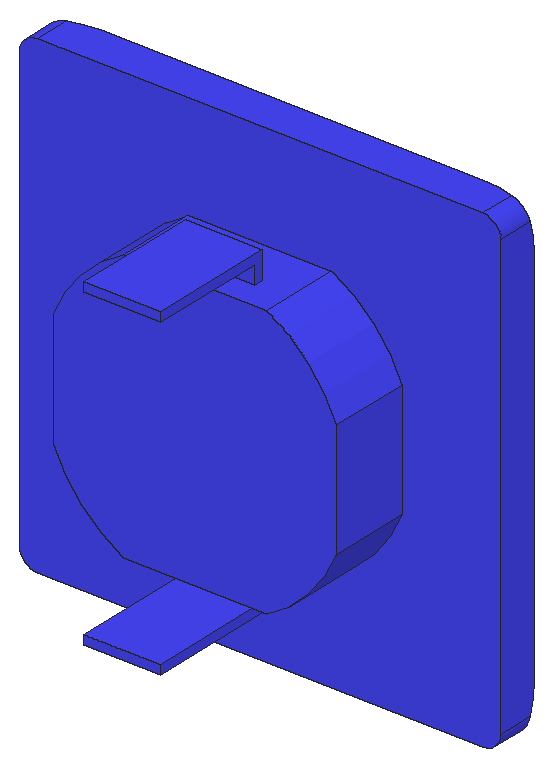
Revit family "IEK_РозеткаКомьютернаяВстраиваемая_Двухместная IP20_ВЕГА", category Устройства связи, Revit 2019
Family settings
  Сохранять ориентацию аннотаций = Да
  Размер круглого соединителя = Использовать диаметр
  Тип детали = Нормальный
  На основе рабочей плоскости = Нет
  Всегда вертикально = Да
  При загрузке вырезать с полостями = Нет
  Общий = Нет
  Точка расчета площади = Нет
Parameters (values of type "РК10-2-ВБ RJ45 Cat5e")
  Ширина = 81.5 mm  # constant formula
  Тип монтажа = "Встраиваемый"  # constant formula
  Степень защиты = "IP20"  # constant formula
  Изготовитель = "IEK"  # constant formula
  Дата изменения = ""
  Глубина = 42.2 mm  # constant formula
  Высота = 81 mm  # constant formula
  ΔХ [instance] = 2000 mm
  ΔY [instance] = 2000 mm
  KSI_CPr_Строительные изделия = ""
  KSI_CMa_Строительные материалы = "01.7.14.03"  # constant formula
  IEK_Цена за единицу = 371.05
  IEK_Поиск в таблице имен = ""
  IEK_Описание = "Электроустановочные изделия серии \"ВЕГА\" IEK включают в себя розетки и выключатели для скрытого монтажа, которые хорошо впишутся в любой интерьер квартир, загородных домов, офисных и производственных помещений."
  IEK_URL = "https://www.iek.ru/products/catalog/izdeliya_elektroustanovochnye_udliniteli_i_silovye_razemy/elektroustanovochnye_izdeliya/elektroustanovochnye_izdeliya_skrytogo_montazha/elektroustanovochnye_izdeliya_vega/rozetka_2_mestnaya_kompyuternaya_rk10_2_vb_rj45_cat5e_vega_belyy_iek"
  ADSK_Примечание = ""
  ADSK_Позиция [instance] = ""
  ADSK_Наименование = "Розетка 2-местная компьютерная РК10-2-ВБ RJ45 Cat5e ВЕГА белый IEK"
  ADSK_Материал обозначение = ""
  ADSK_Материал наименование = "АБС-пластик"  # constant formula
  ADSK_Материал = Цвет белый
  ADSK_Масса = 0.042
  ADSK_Марка = "ВЕГА"  # constant formula
  ADSK_Код изделия = "EKV25-K01-DM"
  ADSK_Завод-изготовитель = "IEK"  # constant formula
  ADSK_Единица измерения = "шт"  # constant formula
  ADSK_Группирование = ""
  ADSK_Версия семейства = "1.00"  # constant formula
  ADSK_Версия Revit = "2019"  # constant formula
  ADSK_URL страницы изделия = "https://www.iek.ru/products/catalog/izdeliya_elektroustanovochnye_udliniteli_i_silovye_razemy/elektroustanovochnye_izdeliya/elektroustanovochnye_izdeliya_skrytogo_montazha/elektroustanovochnye_izdeliya_vega/?pagec=100"
Reference planes
  plane 1 "По центру (Вперед/Назад)": y = 0
  plane 2: z = 0
  plane 3 "По центру (Влево/Вправо)": x = 0
  plane 4 "Высота ножек": z = 280
  plane 5 "Высота": z = 2081.496
  plane 6: x = -2000
  plane 7: y = 2000
Forms (mm)
  Extrusion 1, solid, material "Цвет белый" <- "ADSK_Материал", detail levels fine
    sketch origin (0, 0, 40.187) x (-1, 0, 0) y (0, 0, 1)
      loop
        arc (-12.124, 23) -> (-19.255, 17.479) -> (-24, 9.811) r 25.342
        line (-24, 9.811) -> (-24, -9.811)
        arc (-24, -9.811) -> (-19.255, -17.479) -> (-12.124, -23) r 25.342
        line (-12.124, -23) -> (12.124, -23)
        arc (12.124, -23) -> (19.255, -17.479) -> (24, -9.811) r 25.342
        line (24, -9.811) -> (24, 9.811)
        arc (24, 9.811) -> (19.255, 17.479) -> (12.124, 23) r 25.342
        line (12.124, 23) -> (-12.124, 23)
    from 0 to -13.704
  Extrusion 2, solid, material "Цвет белый" <- "ADSK_Материал", detail levels fine
    sketch origin (0, 0, 40.187) x (-1, 0, 0) y (0, 0, 1)
      loop
        arc (-37.75, 40.813) -> (-39.871, 39.934) -> (-40.75, 37.813) r 3
        line (-40.75, 37.813) -> (-40.75, -37.25)
        arc (-40.75, -37.25) -> (-39.871, -39.371) -> (-37.75, -40.25) r 3
        line (-37.75, -40.25) -> (37.75, -40.25)
        arc (37.75, -40.25) -> (39.871, -39.371) -> (40.75, -37.25) r 3
        line (40.75, -37.25) -> (40.75, 37.813)
        arc (40.75, 37.813) -> (39.871, 39.934) -> (37.75, 40.813) r 3
        line (37.75, 40.813) -> (-37.75, 40.813)
    from 0 to 10
  Extrusion 3, void
    sketch origin (0, 0, 40.187) x (-1, 0, 0) y (0, 0, 1)
      loop
        line (-19.023, -2.5) -> (-9.023, -2.5) -> (-9.023, 2.5) -> (-10.563, 2.5) -> (-10.563, 4.216) -> (-12.493, 4.216) -> (-12.493, 5.786) -> (-14.023, 5.786) -> (-15.554, 5.786) -> (-15.554, 4.216) -> (-17.484, 4.216) -> (-17.484, 2.5) -> (-19.023, 2.5) -> (-19.023, -2.5)
      loop
        line (19.023, -2.5) -> (19.023, 2.5) -> (17.484, 2.5) -> (17.484, 4.216) -> (15.554, 4.216) -> (15.554, 5.786) -> (14.023, 5.786) -> (12.493, 5.786) -> (12.493, 4.216) -> (10.563, 4.216) -> (10.563, 2.5) -> (9.023, 2.5) -> (9.023, -2.5) -> (19.023, -2.5)
    from 5 to 11.9
  Extrusion 4, solid, material "Цвет белый" <- "ADSK_Материал", detail levels fine
    sketch origin (-40.3, 9.274, 40.3) x (0, 0, -1) y (0, 1, 0)
      loop
        line (23.113, -17) -> (23.113, -18.5) -> (26, -18.5) -> (26, -38.474) -> (27.5, -38.474) -> (27.5, -17) -> (23.113, -17)
      loop
        line (-22.887, -17) -> (-27.5, -17) -> (-27.5, -38.474) -> (-26, -38.474) -> (-26, -18.5) -> (-22.887, -18.5) -> (-22.887, -17)
    from 33.8 to 46.8
  Extrusion 5, solid, material "Условный материал-отделка", detail levels coarse
    sketch origin (0, 0, 0) x (1, 0, 0) y (0, 1, 0)
      loop
        line (-40.75, 13) -> (-40.75, -29.2) -> (40.75, -29.2) -> (40.75, 13) -> (-40.75, 13)
    from 0 to 81
  Extrusion 6, solid, material "Условный материал-отделка", detail levels medium
    sketch origin (0, 1.1, 0) x (1, 0, 0) y (0, 1, 0)
      loop
        line (-40.75, 11.9) -> (-40.75, -30.3) -> (40.75, -30.3) -> (40.75, 11.9) -> (-40.75, 11.9)
    from 0 to 81
  Sweep 7, void
    path origin (0, 0, 0) x (1, 0, 0) y (0, 0, 1)
      loop
        line (32.71, 76) -> (-32.71, 76)
        arc (-32.71, 76) -> (-34.86, 75.11) -> (-35.75, 72.96) r 3.04
        line (-35.75, 72.96) -> (-35.75, 7.977)
        arc (-35.75, 7.977) -> (-34.86, 5.828) -> (-32.71, 4.937) r 3.04
        line (-32.71, 4.937) -> (32.71, 4.937)
        arc (32.71, 4.937) -> (34.86, 5.828) -> (35.75, 7.977) r 3.04
        line (35.75, 7.977) -> (35.75, 72.96)
        arc (35.75, 72.96) -> (34.86, 75.11) -> (32.71, 76) r 3.04
    profile origin (34.86, 0, 75.11) x (0.707107, 0, 0.707107) y (0, -1, 0)
      loop
        line (8.33, -5) -> (0, -10) -> (8.33, -10) -> (8.33, -5)
  Sweep 8, solid, material "Цвет белый" <- "ADSK_Материал", detail levels fine
    path origin (0, 0, 0) x (1, 0, 0) y (0, 0, 1)
      loop
        line (19, 63.187) -> (-19, 63.187)
        arc (-19, 63.187) -> (-22.536, 61.723) -> (-24, 58.187) r 5
        line (-24, 58.187) -> (-24, 22.187)
        arc (-24, 22.187) -> (-22.536, 18.652) -> (-19, 17.187) r 5
        line (-19, 17.187) -> (19, 17.187)
        arc (19, 17.187) -> (22.536, 18.652) -> (24, 22.187) r 5
        line (24, 22.187) -> (24, 58.187)
        arc (24, 58.187) -> (22.536, 61.723) -> (19, 63.187) r 5
    profile origin (0, 0, 63.187) x (0, 0, -1) y (0, -1, 0)
      loop
        line (0, -13) -> (0, -6.999) -> (-9.773, -6.999) -> (0, -13)
Cuts and joins
  Extrusion 3, Sweep 7 cuts Extrusion 2
Lines and regions (mm)
  reference lines
    curve 1: line (0, 32.62, 0) -> (0, -67.38, 0)
    curve 2: line (-40.265, 0, 0) -> (99.735, 0, 0)
Dimensions and locks
  locked: plane 4 "Высота ножек" to plane 2 at 280
  plane 5 "Высота" to plane 4 "Высота ножек" = 1801.496 mm
  "ΔХ": plane 6 to curve 1
  "ΔY": plane 7 to curve 2
  aligned and locked: level to plane 2
  aligned and locked: Extrusion 5 to Extrusion 6  (x2)
  aligned and locked: curve 2 to nested 1
  aligned and locked: nested 1 to curve 1
Automatic sketch dimensions
  plane 3 "По центру (Влево/Вправо)" to Extrusion 1 sketch curve = 24 mm
  plane 3 "По центру (Влево/Вправо)" to Extrusion 1 sketch curve = 12.124 mm  (x2)
  plane 3 "По центру (Влево/Вправо)" to Extrusion 1 sketch curve = 0.422 mm  (x2)
  Extrusion 1 sketch curve to plane 3 "По центру (Влево/Вправо)" = 0.422 mm  (x2)
  Extrusion 1 sketch curve to plane 3 "По центру (Влево/Вправо)" = 12.124 mm  (x2)
  Extrusion 1 sketch curve to Extrusion 1 sketch curve = 11.876 mm
  level to Extrusion 1 sketch curve = 17.187 mm
  Extrusion 1 sketch curve to Extrusion 1 sketch curve = 13.189 mm  (x2)
  Extrusion 1 sketch curve to Extrusion 1 sketch curve = 1.043 mm
  Extrusion 1 sketch curve to Extrusion 1 sketch curve = 0 mm
  Extrusion 1 sketch curve to Extrusion 1 sketch curve = 19.622 mm
  Extrusion 5 sketch curve to plane 3 "По центру (Влево/Вправо)" = 40.75 mm
  plane 3 "По центру (Влево/Вправо)" to Extrusion 5 sketch curve = 40.75 mm
  plane 1 "По центру (Вперед/Назад)" to Extrusion 5 sketch curve = 29.2 mm
  Extrusion 5 sketch curve to plane 1 "По центру (Вперед/Назад)" = 13 mm
  Extrusion 6 sketch curve to plane 3 "По центру (Влево/Вправо)" = 40.75 mm
  plane 3 "По центру (Влево/Вправо)" to Extrusion 6 sketch curve = 40.75 mm
  plane 1 "По центру (Вперед/Назад)" to Extrusion 6 sketch curve = 29.2 mm
  Extrusion 6 sketch curve to plane 1 "По центру (Вперед/Назад)" = 13 mm
  plane 1 "По центру (Вперед/Назад)" to Extrusion 4 sketch curve = 7.726 mm  (x2)
  level to Extrusion 4 sketch curve = 67.8 mm
  Extrusion 4 sketch curve to Extrusion 4 sketch curve = 1.5 mm  (x4)
  Extrusion 4 sketch curve to Extrusion 4 sketch curve = 3.113 mm
  level to Extrusion 4 sketch curve = 17.187 mm
  Extrusion 4 sketch curve to Extrusion 4 sketch curve = 2.887 mm
  Extrusion 4 sketch curve to Extrusion 4 sketch curve = 19.974 mm  (x2)
  level to Extrusion 2 sketch curve = 2.937 mm
  plane 3 "По центру (Влево/Вправо)" to Extrusion 2 sketch curve = 40.75 mm
  Extrusion 2 sketch curve to level = 0.063 mm
  Extrusion 2 sketch curve to Extrusion 2 sketch curve = 3 mm  (x2)
  Extrusion 2 sketch curve to plane 3 "По центру (Влево/Вправо)" = 37.75 mm  (x2)
  Extrusion 2 sketch curve to Extrusion 2 sketch curve = 75.063 mm
  Sweep 7 sketch curve to plane 3 "По центру (Влево/Вправо)" = 35.75 mm
  Sweep 7 sketch curve to Sweep 7 sketch curve = 3.04 mm  (x3)
  level to Sweep 7 sketch curve = 7.977 mm
  plane 3 "По центру (Влево/Вправо)" to Sweep 7 sketch curve = 32.71 mm  (x2)
  Sweep 7 sketch curve to Sweep 7 sketch curve = 64.984 mm
  Sweep 7 sketch curve to profile plane = 0 mm
  Sweep 7 sketch curve to Sweep 7 sketch curve = 8.33 mm
  Sweep 7 sketch curve to plane 1 "По центру (Вперед/Назад)" = 10 mm
  Sweep 7 sketch curve to plane 1 "По центру (Вперед/Назад)" = 5 mm
  Sweep 8 sketch curve to plane 3 "По центру (Влево/Вправо)" = 24 mm
  Sweep 8 sketch curve to Sweep 8 sketch curve = 5 mm  (x3)
  plane 3 "По центру (Влево/Вправо)" to Sweep 8 sketch curve = 19 mm  (x2)
  level to Sweep 8 sketch curve = 17.187 mm
  Sweep 8 sketch curve to Sweep 8 sketch curve = 36 mm
  Sweep 8 sketch curve to profile plane = 0 mm
  Sweep 8 sketch curve to plane 1 "По центру (Вперед/Назад)" = 13 mm
  Sweep 8 sketch curve to Sweep 8 sketch curve = 6.001 mm
  profile plane to Sweep 8 sketch curve = 9.773 mm
  plane 3 "По центру (Влево/Вправо)" to Extrusion 3 sketch curve = 19.023 mm
  Extrusion 3 sketch curve to Extrusion 3 sketch curve = 1.54 mm  (x4)
  Extrusion 3 sketch curve to Extrusion 3 sketch curve = 1.93 mm  (x4)
  Extrusion 3 sketch curve to Extrusion 3 sketch curve = 1.531 mm  (x4)
  Extrusion 3 sketch curve to plane 3 "По центру (Влево/Вправо)" = 9.023 mm
  level to Extrusion 3 sketch curve = 37.687 mm
  Extrusion 3 sketch curve to Extrusion 3 sketch curve = 0 mm
  Extrusion 3 sketch curve to Extrusion 3 sketch curve = 5 mm  (x4)
  Extrusion 3 sketch curve to Extrusion 3 sketch curve = 1.716 mm  (x4)
  Extrusion 3 sketch curve to Extrusion 3 sketch curve = 1.571 mm  (x2)
  curve 2 to plane 3 "По центру (Влево/Вправо)" = 40.265 mm
  plane 3 "По центру (Влево/Вправо)" to curve 2 = 99.735 mm
  plane 1 "По центру (Вперед/Назад)" to curve 1 = 67.38 mm
  curve 1 to plane 1 "По центру (Вперед/Назад)" = 32.62 mm
Nested families
  nested 1: "УГО Розетки связистской" at (0, 0, 0), type "Розетка двухместная сетевая (Интернет)", detail levels coarse+medium
Connectors
  electrical at (0, -8.1, 0)
    settings: on Extrusion 5, index 1, voltage 0 V, apparent load 0 VA, apparent load phase1 0 VA, apparent load phase2 0 VA, apparent load phase3 0 VA, power factor 1, load classification "Прочее", number of poles 1, system type 9, power factor state 1, is connector primary yes, connector utility no, sub classification motor no, connector description ""
Definition of nested family "УГО Розетки связистской"
  Parameters (values of type "Розетка телефонная")
    Розетка телефонная = yes
    Розетка сетевая (Интернет) = no
    Розетка сетевая и телефонная = no
    Розетка телевизионная = no
    Розетка двухместная телефонная = no
    Розетка двухместная сетевая (Интернет) = no
    Розетка HDMI = no
  Types (7, lengths in mm): name | Розетка телефонная | Розетка сетевая (Интернет) | Розетка сетевая и телефонная | Розетка телевизионная | Розетка двухместная телефонная | Розетка двухместная сетевая (Интернет) | Розетка HDMI
    Розетка телевизионная | no | no | no | yes | no | no | no
    Розетка сетевая (Интернет) | no | yes | no | no | no | no | no
    Розетка сетевая и телефонная | no | no | yes | no | no | no | no
    Розетка HDMI | no | no | no | no | no | no | yes
    Розетка двухместная телефонная | no | no | no | no | yes | no | no
    Розетка двухместная сетевая (Интернет) | no | no | no | no | no | yes | no
    Розетка телефонная | yes | no | no | no | no | no | no
  Reference planes
    plane 1: y = 0
    plane 2: x = 0
  Lines and regions (mm)
    Filled region 1, type "Цветовая область 1", visible <- "Розетка телефонная"
      outline origin (0, 0, 0) x (1, 0, 0) y (0, 1, 0)
        loop
          line (-0.512, 1.977) -> (-0.512, 3.023) -> (-1.53, 3.023) -> (-1.53, 1.977) -> (-0.512, 1.977)
        loop
          line (0.512, 1.977) -> (1.53, 1.977) -> (1.53, 3.023) -> (0.512, 3.023) -> (0.512, 1.977)
    Filled region 2, type "Цветовая область 1", visible <- "Розетка телефонная", not visible
      outline origin (0, 0, 0) x (1, 0, 0) y (0, 1, 0)
        loop
          line (8.078, 7.617) -> (8.078, 8.664) -> (7.06, 8.664) -> (7.06, 7.617) -> (8.078, 7.617)
        loop
          line (9.101, 7.617) -> (10.119, 7.617) -> (10.119, 8.664) -> (9.101, 8.664) -> (9.101, 7.617)
    Filled region 3, type "Цветовая область 1", visible <- "Розетка сетевая и телефонная"
      outline origin (0, 0, 0) x (1, 0, 0) y (0, 1, 0)
        loop
          line (0.994, 4) -> (0.994, 3) -> (1.994, 3) -> (1.994, 4) -> (0.994, 4)
        loop
          line (3.019, 3) -> (4.019, 3) -> (4.019, 4) -> (3.019, 4) -> (3.019, 3)
    Filled region 4, type "Цветовая область 1", visible <- "Розетка сетевая и телефонная", not visible
      outline origin (0, 0, 0) x (1, 0, 0) y (0, 1, 0)
        loop
          line (28.769, 14.987) -> (28.769, 13.987) -> (29.769, 13.987) -> (29.769, 14.987) -> (28.769, 14.987)
        loop
          line (30.794, 13.987) -> (31.794, 13.987) -> (31.794, 14.987) -> (30.794, 14.987) -> (30.794, 13.987)
    Filled region 5, type "Цветовая область 1", visible <- "Розетка двухместная телефонная"
      outline origin (0, 0, 0) x (1, 0, 0) y (0, 1, 0)
        loop
          line (-0.512, 1.977) -> (-0.512, 3.023) -> (-1.53, 3.023) -> (-1.53, 1.977) -> (-0.512, 1.977)
        loop
          line (0.512, 1.977) -> (1.53, 1.977) -> (1.53, 3.023) -> (0.512, 3.023) -> (0.512, 1.977)
    Filled region 6, type "Цветовая область 1", visible <- "Розетка двухместная телефонная", not visible
      outline origin (0, 0, 0) x (1, 0, 0) y (0, 1, 0)
        loop
          line (39.096, 13.207) -> (39.096, 14.254) -> (38.078, 14.254) -> (38.078, 13.207) -> (39.096, 13.207)
        loop
          line (40.119, 13.207) -> (41.137, 13.207) -> (41.137, 14.254) -> (40.119, 14.254) -> (40.119, 13.207)
    detail lines
      curve 1: line (0.006, 0, 0) -> (0.006, 2.454, 0)
      curve 2: line (0.006, 0, 0) -> (2.217, 0, 0)
    detail lines, visible <- "Розетка сетевая (Интернет)", not visible
      curve 3: line (2.5, 1.221, 0) -> (-2.5, 1.221, 0)
      curve 4: line (2.5, 6.221, 0) -> (-2.5, 6.221, 0)
      curve 5: line (0, 6.221, 0) -> (-2.5, 1.221, 0)
      curve 6: line (0, 6.221, 0) -> (2.5, 1.221, 0)
    detail lines, visible <- "Розетка телевизионная", not visible
      curve 7: line (19.458, 13.285, 0) -> (24.458, 13.285, 0)
      curve 8: line (19.458, 8.285, 0) -> (24.458, 8.285, 0)
      curve 9: line (21.958, 13.285, 0) -> (19.458, 8.285, 0)
      curve 10: line (21.958, 13.285, 0) -> (24.458, 8.285, 0)
    detail lines, visible <- "Розетка сетевая (Интернет)"
      curve 11: line (2.506, 0, 0) -> (-2.494, 0, 0)
      curve 12: line (2.506, 5, 0) -> (-2.494, 5, 0)
      curve 13: line (0.006, 5, 0) -> (-2.494, 0, 0)
      curve 14: line (0.006, 5, 0) -> (2.506, 0, 0)
    detail lines, visible <- "Розетка телевизионная"
      curve 15: line (-2.494, 5, 0) -> (2.506, 5, 0)
      curve 16: line (-2.494, 0, 0) -> (2.506, 0, 0)
      curve 17: line (0.006, 5, 0) -> (-2.494, 0, 0)
      curve 18: line (0.006, 5, 0) -> (2.506, 0, 0)
    detail lines, visible <- "Розетка телефонная"
      curve 19: circle (0.006, 2.5, 0) r 2.5 normal (0, 0, 1)
      curve 21: line (-1.53, 3.023, 0) -> (-1.53, 1.977, 0)
      curve 22: line (-1.53, 1.977, 0) -> (-0.512, 1.977, 0)
      curve 23: line (-0.512, 1.977, 0) -> (-0.512, 3.023, 0)
      curve 24: line (-0.512, 3.023, 0) -> (-1.53, 3.023, 0)
      curve 25: line (1.53, 3.023, 0) -> (1.53, 1.977, 0)
      curve 26: line (1.53, 1.977, 0) -> (0.512, 1.977, 0)
      curve 27: line (0.512, 1.977, 0) -> (0.512, 3.023, 0)
      curve 28: line (0.512, 3.023, 0) -> (1.53, 3.023, 0)
    detail lines, visible <- "Розетка телефонная", not visible
      curve 20: circle (8.596, 8.14, 0) r 2.5 normal (0, 0, 1)
      curve 29: line (7.06, 8.664, 0) -> (7.06, 7.617, 0)
      curve 30: line (7.06, 7.617, 0) -> (8.078, 7.617, 0)
      curve 31: line (8.078, 7.617, 0) -> (8.078, 8.664, 0)
      curve 32: line (8.078, 8.664, 0) -> (7.06, 8.664, 0)
      curve 33: line (10.119, 8.664, 0) -> (10.119, 7.617, 0)
      curve 34: line (10.119, 7.617, 0) -> (9.101, 7.617, 0)
      curve 35: line (9.101, 7.617, 0) -> (9.101, 8.664, 0)
      curve 36: line (9.101, 8.664, 0) -> (10.119, 8.664, 0)
    detail lines, visible <- "Розетка сетевая и телефонная"
      curve 37: line (-5.994, 7, 0) -> (6.006, 7, 0)
      curve 38: line (-5.994, 0, 0) -> (-5.994, 7, 0)
      curve 39: line (6.006, 0, 0) -> (-5.994, 0, 0)
      curve 40: line (6.006, 7, 0) -> (6.006, 0, 0)
      curve 41: line (-4.994, 1, 0) -> (0.006, 1, 0)
      curve 42: line (-2.474, 6, 0) -> (-4.994, 1, 0)
      curve 43: line (-2.474, 6, 0) -> (0.006, 1, 0)
      curve 44: circle (2.506, 3.5, 0) r 2.5 normal (0, 0, 1)
      curve 45: line (-4.994, 6, 0) -> (0.006, 6, 0)
      curve 46: line (0.994, 4, 0) -> (0.994, 3, 0)
      curve 47: line (0.994, 3, 0) -> (1.994, 3, 0)
      curve 48: line (1.994, 3, 0) -> (1.994, 4, 0)
      curve 49: line (1.994, 4, 0) -> (0.994, 4, 0)
      curve 50: line (4.019, 4, 0) -> (4.019, 3, 0)
      curve 51: line (4.019, 3, 0) -> (3.019, 3, 0)
      curve 52: line (3.019, 3, 0) -> (3.019, 4, 0)
      curve 53: line (3.019, 4, 0) -> (4.019, 4, 0)
    detail lines, visible <- "Розетка сетевая и телефонная", not visible
      curve 54: line (21.782, 17.987, 0) -> (33.782, 17.987, 0)
      curve 55: line (21.782, 10.987, 0) -> (21.782, 17.987, 0)
      curve 56: line (33.782, 10.987, 0) -> (21.782, 10.987, 0)
      curve 57: line (33.782, 17.987, 0) -> (33.782, 10.987, 0)
      curve 58: line (22.782, 11.987, 0) -> (27.782, 11.987, 0)
      curve 59: line (25.301, 16.987, 0) -> (22.782, 11.987, 0)
      curve 60: line (25.301, 16.987, 0) -> (27.782, 11.987, 0)
      curve 61: circle (30.282, 14.487, 0) r 2.5 normal (0, 0, 1)
      curve 62: line (22.782, 16.987, 0) -> (27.782, 16.987, 0)
      curve 63: line (28.769, 14.987, 0) -> (28.769, 13.987, 0)
      curve 64: line (28.769, 13.987, 0) -> (29.769, 13.987, 0)
      curve 65: line (29.769, 13.987, 0) -> (29.769, 14.987, 0)
      curve 66: line (29.769, 14.987, 0) -> (28.769, 14.987, 0)
      curve 67: line (31.794, 14.987, 0) -> (31.794, 13.987, 0)
      curve 68: line (31.794, 13.987, 0) -> (30.794, 13.987, 0)
      curve 69: line (30.794, 13.987, 0) -> (30.794, 14.987, 0)
      curve 70: line (30.794, 14.987, 0) -> (31.794, 14.987, 0)
    detail lines, visible <- "Розетка двухместная телефонная"
      curve 71: circle (0.006, 2.5, 0) r 2.5 normal (0, 0, 1)
      curve 72: line (-1.53, 3.023, 0) -> (-1.53, 1.977, 0)
      curve 73: line (-1.53, 1.977, 0) -> (-0.512, 1.977, 0)
      curve 74: line (-0.512, 1.977, 0) -> (-0.512, 3.023, 0)
      curve 75: line (-0.512, 3.023, 0) -> (-1.53, 3.023, 0)
      curve 76: line (1.53, 3.023, 0) -> (1.53, 1.977, 0)
      curve 77: line (1.53, 1.977, 0) -> (0.512, 1.977, 0)
      curve 78: line (0.512, 1.977, 0) -> (0.512, 3.023, 0)
      curve 79: line (0.512, 3.023, 0) -> (1.53, 3.023, 0)
    detail lines, visible <- "Розетка двухместная телефонная", not visible
      curve 80: circle (39.614, 13.731, 0) r 2.5 normal (0, 0, 1)
      curve 81: line (38.078, 14.254, 0) -> (38.078, 13.207, 0)
      curve 82: line (38.078, 13.207, 0) -> (39.096, 13.207, 0)
      curve 83: line (39.096, 13.207, 0) -> (39.096, 14.254, 0)
      curve 84: line (39.096, 14.254, 0) -> (38.078, 14.254, 0)
      curve 85: line (41.137, 14.254, 0) -> (41.137, 13.207, 0)
      curve 86: line (41.137, 13.207, 0) -> (40.119, 13.207, 0)
      curve 87: line (40.119, 13.207, 0) -> (40.119, 14.254, 0)
      curve 88: line (40.119, 14.254, 0) -> (41.137, 14.254, 0)
    detail lines, visible <- "Розетка двухместная сетевая (Интернет)", not visible
      curve 89: line (2.5, 1.221, 0) -> (-2.5, 1.221, 0)
      curve 90: line (2.5, 6.221, 0) -> (-2.5, 6.221, 0)
      curve 91: line (0, 6.221, 0) -> (-2.5, 1.221, 0)
      curve 92: line (0, 6.221, 0) -> (2.5, 1.221, 0)
    detail lines, visible <- "Розетка двухместная сетевая (Интернет)"
      curve 93: line (2.506, 0, 0) -> (-2.494, 0, 0)
      curve 94: line (2.506, 5, 0) -> (-2.494, 5, 0)
      curve 95: line (0.006, 5, 0) -> (-2.494, 0, 0)
      curve 96: line (0.006, 5, 0) -> (2.506, 0, 0)
    detail lines, visible <- "Розетка HDMI"
      curve 97: line (-2.494, 5, 0) -> (2.506, 5, 0)
      curve 98: line (-2.494, 0, 0) -> (2.506, 0, 0)
      curve 99: line (0.006, 5, 0) -> (-2.494, 0, 0)
      curve 100: line (0.006, 5, 0) -> (2.506, 0, 0)
    detail lines, visible <- "Розетка HDMI", not visible
      curve 101: line (19.458, 13.285, 0) -> (24.458, 13.285, 0)
      curve 102: line (19.458, 8.285, 0) -> (24.458, 8.285, 0)
      curve 103: line (21.958, 13.285, 0) -> (19.458, 8.285, 0)
      curve 104: line (21.958, 13.285, 0) -> (24.458, 8.285, 0)
  Text (mm)
    text "TV" at (20.688, 11.147, 0), visible <- "Розетка телевизионная", not visible
    text "TV" at (-1.264, 2.862, 0), visible <- "Розетка телевизионная"
    text "2" at (1.883, 7.136, 0), visible <- "Розетка двухместная телефонная"
    text "2" at (41.49, 18.367, 0), visible <- "Розетка двухместная телефонная", not visible
    text "2" at (3.262, 8.37, 0), visible <- "Розетка двухместная сетевая (Интернет)", not visible
    text "2" at (3.268, 7.149, 0), visible <- "Розетка двухместная сетевая (Интернет)"
    text "HDMI" at (-7.123, 3.537, 0), visible <- "Розетка HDMI"
    text "HDMI" at (14.83, 11.822, 0), visible <- "Розетка HDMI", not visible
